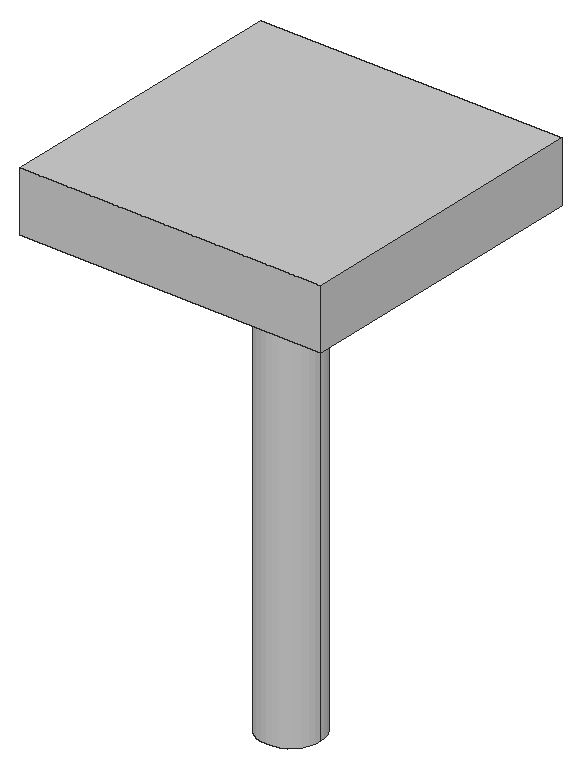
Revit family "ee73af5bd98443e2a1ef9070bf2b9f65", category Structural Columns, Revit 2021
Family settings
  Display in Hidden Views = Edges Hidden by Other Members
  Section Shape = Not Defined
  Material for Model Behavior = Concrete
  Always export as geometry = No
  Beam cutback in plan = From geometry
  OmniClass Number = 23.25.30.11.14.11
  OmniClass Title = Columns
  Seek Item ID = Concrete-Round-Column with Drop Caps-0000-USA-ENU
  Cut with Voids When Loaded = No
  Symbolic Representation = From Family
  Shared = No
  Show family pre-cut in plan views = No
Parameters (values of type "12"")
  b 1 = b / 2  # 0' - 6"
  Structural Material [instance] = Concrete, Cast-in-Place gray
  Slab Thickness = 0' - 5"
  Show Drop Panel [instance] = yes
  Show Capital [instance] = yes
  Height 1 [instance] = if(Show Capital, Capital Height, 0' 0")  # 1' - 0"
  Drop Panel Width = 5' - 0"
  Drop Panel Length = 5' - 0"
  Drop Panel Thickness = 1' - 0"
  Capital Top Radius = 1' - 6"
  Capital Top Offset [instance] = if(Show Drop Panel, Drop Panel Thickness, 0' 0")  # 1' - 0"
  Capital Height = 1' - 0"
  Assembly Code = "B10"
  b = 1' - 0"
Types (4): name | b 1 | b
  12" | 0' - 6" | 1' - 0"
  18" | 0' - 9" | 1' - 6"
  24" | 1' - 0" | 2' - 0"
  30" | 1' - 3" | 2' - 6"
Reference planes (in)
  plane 1 "Center (Front/Back)": y = 0
  plane 2: z = 0
  plane 3 "Center (Left/Right)": x = 0
  plane 4: x = -6
  plane 5: x = 6
  plane 6: y = 6
  plane 7: y = -6
  plane 8: z = 108
  plane 9: z = 103
  plane 10: z = 91
  plane 11: z = 79
  plane 12: y = 30
  plane 13: y = -30
  plane 14: x = -30
  plane 15: x = 30
  plane 16: x = -18
  plane 17: x = 18
  plane 18: y = 18
  plane 19: y = -18
  plane 20: z = 79
  plane 21: z = 91
  plane 22: x = 0
  plane 23: y = 0
Forms (in)
  Extrusion 1, solid, material "Concrete, Cast-in-Place gray" <- "Structural Material"
    sketch origin (0, 0, 0) x (1, 0, 0) y (0, 1, 0)
      loop
        circle (0, 0) r 6
    from 0 to 79
Lines and regions (in)
  symbolic lines, style "HiddenStructuralColumnLines"
    curve 1: circle (0, 0, 0) r 6 normal (0, 0, 1)
Dimensions and locks (in)
  equal spacing: plane 7, plane 1 "Center (Front/Back)", plane 6
  "b": plane 7 to plane 6
  "b": plane 4 to plane 5
  "Slab Thickness": plane 8 to plane 9
  "Drop Panel Thickness": plane 9 to plane 10
  "Drop Panel Width": plane 13 to plane 12
  "Drop Panel Length": plane 14 to plane 15
  equal spacing: plane 14, plane 3 "Center (Left/Right)", plane 15
  "Capital Top Radius": plane 16 to plane 3 "Center (Left/Right)"
  "Capital Top Radius": plane 3 "Center (Left/Right)" to plane 17
  "Capital Top Radius": plane 1 "Center (Front/Back)" to plane 18
  "Capital Top Radius": plane 1 "Center (Front/Back)" to plane 19
  equal spacing: plane 13, plane 1 "Center (Front/Back)", plane 12
  "Capital Top Offset": plane 9 to plane 21
  "Height 1": plane 21 to plane 20
  "Capital Height": plane 21 to plane 11
  "b 1": radius of Extrusion 1 sketch curve
  "b 1": radius of curve 1
  aligned and locked: level to plane 2
  aligned and locked: plane 9 to nested 2
  aligned and locked: nested 2 to plane 10
  aligned and locked: nested 2 to plane 14  (x2)
  aligned and locked: nested 2 to plane 15  (x2)
  aligned and locked: plane 12 to nested 2
  aligned and locked: plane 13 to nested 2
  aligned and locked: plane 16 to nested 1
  aligned and locked: plane 17 to nested 1
  aligned and locked: plane 18 to nested 1
  aligned and locked: nested 1 to plane 19
  aligned and locked: plane 1 "Center (Front/Back)" to Extrusion 1 sketch curve
  aligned and locked: plane 3 "Center (Left/Right)" to Extrusion 1 sketch curve
  aligned and locked: plane 20 to Extrusion 1
  aligned and locked: Extrusion 1 to plane 2
  aligned and locked: nested 1 to plane 11
  aligned and locked: plane 21 to nested 1
  aligned and locked: plane 22 to plane 3 "Center (Left/Right)"
  aligned and locked: plane 23 to plane 1 "Center (Front/Back)"
  aligned and locked: level to plane 8
  aligned and locked: plane 1 "Center (Front/Back)" to curve 1
  aligned and locked: plane 3 "Center (Left/Right)" to curve 1
Nested families (in)
  nested 1: "Conical Blend Capital" at (0, 0, 96), visible <- "Show Capital", type "Conical Blend Capital"
  nested 2: "Flat Drop Cap" at (0, 0, 108), visible <- "Show Drop Panel", type "Flat Drop Cap"
Definition of nested family "Conical Blend Capital"
  Parameters
    Slab Thickness = 0' - 5"
    Default Elevation = 0' - 0"
    Cap Top Radius = 1' - 6"
    Cap Thickness = 1' - 0"
    Cap Material = none
    Cap Base Radius = 0' - 6"
    Assembly Code = ""
  Reference planes (in)
    plane 1 "Center (Front/Back)": y = 0
    plane 2: z = 0
    plane 3 "Center (Left/Right)": x = 0
    plane 4: z = -5
    plane 5: z = -17
    plane 6: x = -18
    plane 7: x = 18
    plane 8: y = 18
    plane 9: y = -18
    plane 10: y = 0
    plane 11: x = 0
    plane 12: y = -18
    plane 13: y = 18
    plane 14: x = -18
    plane 15: x = 18
  Forms (in)
    Blend 1, solid, material <- "Cap Material"
      base sketch origin (0, 0, 0) x (1, 0, 0) y (0, 1, 0)
        loop
          circle (0, 0) r 6
      top sketch origin (0, 0, 0) x (1, 0, 0) y (0, 1, 0)
        loop
          circle (0, 0) r 18
      from -17 to -5
  Dimensions and locks (in)
    "Slab Thickness": plane 2 to plane 4
    "Cap Thickness": plane 4 to plane 5
    "Cap Top Radius": plane 6 to plane 3 "Center (Left/Right)"
    "Cap Top Radius": plane 7 to plane 3 "Center (Left/Right)"
    "Cap Top Radius": plane 1 "Center (Front/Back)" to plane 8
    "Cap Top Radius": plane 1 "Center (Front/Back)" to plane 9
    "Cap Base Radius": radius of Blend 1 sketch curve
    "Cap Top Radius": radius of Blend 1 sketch curve
    aligned and locked: plane 2 to level
    aligned and locked: plane 1 "Center (Front/Back)" to Blend 1 sketch curve  (x2)
    aligned and locked: plane 3 "Center (Left/Right)" to Blend 1 sketch curve  (x2)
    aligned and locked: Blend 1 to plane 5
    aligned and locked: plane 4 to Blend 1
    aligned and locked: plane 10 to plane 1 "Center (Front/Back)"
    aligned and locked: plane 11 to plane 3 "Center (Left/Right)"
    aligned and locked: plane 9 to plane 12
    aligned and locked: plane 8 to plane 13
    aligned and locked: plane 6 to plane 14
    aligned and locked: plane 15 to plane 7
Definition of nested family "Flat Drop Cap"
  Parameters
    Slab Thickness = 0' - 5"
    Default Elevation = 0' - 0"
    Cap Material = none
    Drop Panel Width = 5' - 0"
    Drop Panel Thickness = 1' - 0"
    Drop Panel Length = 5' - 0"
    Assembly Code = ""
  Reference planes (in)
    plane 1 "Center (Front/Back)": y = 0
    plane 2: z = 0
    plane 3 "Center (Left/Right)": x = 0
    plane 4: y = 30
    plane 5: y = -30
    plane 6: x = -30
    plane 7: x = 30
    plane 8: z = -5
    plane 9: z = -17
  Forms (in)
    Extrusion 1, solid, material <- "Cap Material"
      sketch origin (0, 0, 0) x (1, 0, 0) y (0, 1, 0)
        loop
          line (-30, 30) -> (-30, -30) -> (30, -30) -> (30, 30) -> (-30, 30)
      from -5 to -17
  Dimensions and locks (in)
    "Drop Panel Length": plane 6 to plane 7
    "Drop Panel Width": plane 4 to plane 5
    equal spacing: plane 6, plane 3 "Center (Left/Right)", plane 7
    equal spacing: plane 4, plane 1 "Center (Front/Back)", plane 5
    "Slab Thickness": plane 2 to plane 8
    "Drop Panel Thickness": plane 8 to plane 9
    aligned and locked: plane 2 to level
    aligned and locked: plane 6 to Extrusion 1 sketch curve
    aligned and locked: Extrusion 1 sketch curve to plane 4
    aligned and locked: plane 5 to Extrusion 1 sketch curve
    aligned and locked: Extrusion 1 sketch curve to plane 7
    aligned and locked: Extrusion 1 to plane 9
    aligned and locked: plane 8 to Extrusion 1
